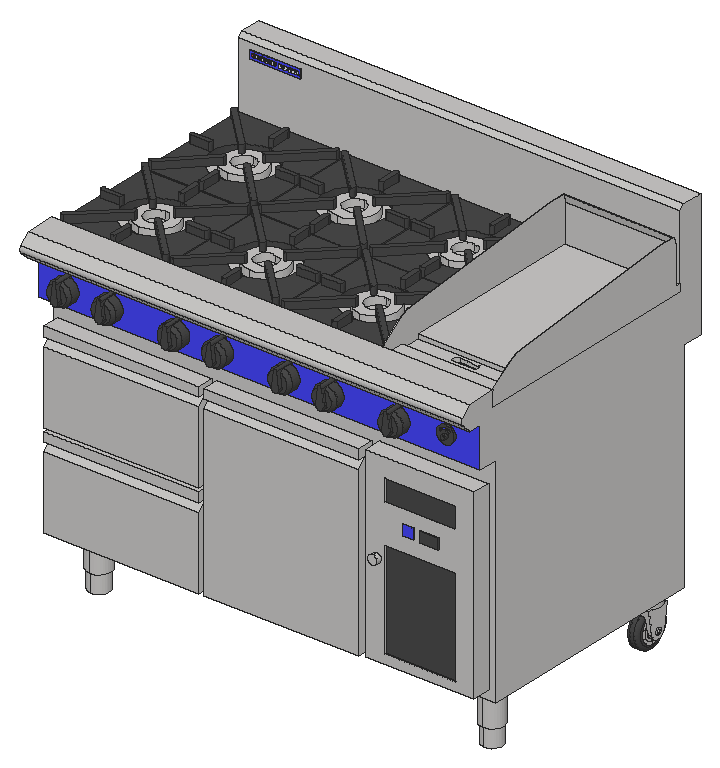
Revit family "QF_MOFFAT_BLUESEAL_CE_G518C-RB", category Specialty Equipment, Revit 2012 (continued)
Definition of nested family "GAS BURNER 900 & GRIDDLE 300"
  Definition of nested family "GAS BURNER 900"
    Automatic sketch dimensions
      curve 221 to curve 282 = 18.152 mm
      curve 294 to curve 276 = 20.563 mm
      curve 285 to curve 223 = 19.967 mm
      curve 278 to curve 292 = 18.13 mm
      curve 282 to curve 298 = 9.204 mm
      curve 276 to curve 293 = 9.138 mm
      curve 223 to curve 298 = 8.97 mm
      curve 292 to curve 293 = 8.937 mm
      curve 286 to curve 241 = 47.322 mm
      curve 288 to curve 265 = 45.809 mm
      plane 4 "RIGHT" to curve 267 = 14.153 mm
      plane 8 "Center X" to curve 235 = 3.602 mm
      plane 4 "RIGHT" to curve 235 = 14.153 mm
      plane 4 "RIGHT" to curve 245 = 14.153 mm
      curve 259 to plane 8 "Center X" = 8.602 mm
      curve 259 to curve 235 = 0.0 mm
      curve 268 to curve 267 = 4.525 mm
      curve 246 to curve 246 = 4.525 mm
      curve 235 to curve 238 = 4.525 mm
      curve 258 to curve 259 = 4.525 mm
      plane 4 "RIGHT" to curve 242 = 7.898 mm
      plane 4 "RIGHT" to curve 264 = 7.898 mm
      plane 4 "RIGHT" to curve 233 = 3.0 mm
      plane 4 "RIGHT" to curve 228 = 3.0 mm
      plane 4 "RIGHT" to curve 231 = 3.0 mm
      curve 230 to plane 8 "Center X" = 1.0 mm
      curve 230 to curve 231 = 0.0 mm
      plane 4 "RIGHT" to curve 229 = 0.0 mm
      plane 4 "RIGHT" to curve 231 = 0.0 mm
      curve 233 to curve 267 = 19.602 mm
      curve 76 to curve 133 = 19.602 mm
      curve 178 to plane 5 "FRONT" = 25.398 mm
      curve 131 to curve 138 = 9.316 mm
      curve 177 to curve 180 = 9.316 mm
      curve 271 to curve 295 = 9.316 mm
      curve 295 to curve 291 = 8.967 mm
      curve 294 to curve 289 = 4.003 mm
      curve 207 to curve 202 = 4.003 mm
      curve 277 to curve 274 = 6.575 mm
      curve 290 to curve 274 = 6.958 mm
      curve 139 to curve 142 = 27.0 mm
      curve 181 to curve 184 = 27.0 mm
      curve 277 to curve 280 = 27.0 mm
      curve 206 to curve 122 = 47.462 mm
      curve 204 to curve 146 = 47.453 mm
      curve 198 to curve 172 = 27.481 mm
      curve 293 to curve 263 = 47.462 mm
      curve 194 to curve 162 = 47.462 mm
      curve 291 to curve 281 = 47.453 mm
      curve 171 to curve 174 = 6.4 mm
      curve 263 to curve 263 = 6.4 mm
      curve 160 to curve 160 = 6.4 mm
      curve 146 to curve 146 = 6.4 mm
      curve 123 to curve 124 = 6.4 mm
      curve 281 to curve 281 = 6.4 mm
      curve 257 to curve 290 = 10.114 mm
      curve 275 to curve 256 = 6.316 mm
      curve 179 to curve 151 = 6.316 mm
      curve 137 to curve 111 = 6.316 mm
      curve 254 to plane 8 "Center X" = 11.398 mm
      curve 154 to plane 8 "Center X" = 11.398 mm
      curve 110 to plane 8 "Center X" = 11.398 mm
      curve 81 to curve 59 = 6.0 mm
      curve 231 to curve 230 = 6.0 mm
      curve 78 to curve 80 = 0.0 mm
      curve 68 to curve 90 = 1.602 mm
      plane 8 "Center X" to curve 108 = 6.398 mm
      plane 8 "Center X" to curve 53 = 6.398 mm
      plane 8 "Center X" to curve 249 = 6.398 mm
      curve 252 to curve 249 = 49.204 mm
      curve 51 to curve 214 = 9.316 mm
      curve 108 to curve 107 = 49.204 mm
      curve 250 to curve 223 = 9.316 mm
      curve 106 to curve 216 = 9.316 mm
      curve 223 to curve 285 = 29.082 mm
      curve 220 to curve 234 = 8.722 mm
      curve 284 to curve 234 = 8.754 mm
      curve 35 to curve 103 = 27.0 mm
      curve 29 to curve 34 = 27.0 mm
      curve 220 to curve 247 = 27.0 mm
      curve 187 to curve 6 = 29.278 mm
      curve 284 to curve 219 = 29.278 mm
      curve 24 to curve 219 = 0.0 mm
      curve 298 to curve 242 = 49.778 mm
      curve 7 to curve 44 = 0.0 mm
      curve 193 to curve 95 = 29.278 mm
      curve 24 to curve 24 = 6.4 mm
      curve 95 to curve 98 = 6.4 mm
      curve 239 to curve 242 = 6.4 mm
      curve 7 to curve 8 = 6.4 mm
      curve 45 to curve 44 = 6.4 mm
      curve 219 to curve 219 = 6.4 mm
      curve 218 to curve 284 = 8.601 mm
      curve 37 to curve 42 = 9.816 mm
      curve 222 to curve 226 = 9.816 mm
      curve 31 to curve 13 = 9.816 mm
      plane 1 "BACK" to curve 16 = 25.398 mm
      plane 1 "BACK" to curve 41 = 25.398 mm
      plane 1 "BACK" to Extrusion 1 sketch curve = 0.0 mm
      plane 5 "FRONT" to Extrusion 1 sketch curve = 0.0 mm
      plane 3 "LEFT" to Extrusion 1 sketch curve = 1.0 mm  (x2)
      plane 1 "BACK" to Extrusion 1 sketch curve = 3.0 mm  (x2)
      plane 8 "Center X" to Extrusion 1 sketch curve = 149.0 mm
      plane 8 "Center X" to Extrusion 1 sketch curve = 2.0 mm  (x2)
      Extrusion 1 sketch curve to plane 8 "Center X" = 1.0 mm
      Extrusion 1 sketch curve to Extrusion 1 sketch curve = 3.0 mm  (x3)
      Extrusion 1 sketch curve to plane 8 "Center X" = 151.0 mm
      Extrusion 1 sketch curve to plane 5 "FRONT" = 3.0 mm  (x2)
      plane 3 "LEFT" to Extrusion 1 sketch curve = 149.991 mm  (x2)
      Extrusion 1 sketch curve to plane 7 "Center Y" = 154.0 mm
      Extrusion 1 sketch curve to Extrusion 1 sketch curve = 0.0 mm
      Extrusion 2 sketch curve to Extrusion 1 = 22.602 mm  (x2)
      Extrusion 2 sketch curve to Extrusion 1 = 25.398 mm  (x2)
      Extrusion 2 sketch curve to Extrusion 2 sketch curve = 4.525 mm  (x16)
      Extrusion 2 sketch curve to Extrusion 2 sketch curve = 49.204 mm  (x5)
      Extrusion 2 sketch curve to Extrusion 2 sketch curve = 55.923 mm  (x5)
      Extrusion 2 sketch curve to Extrusion 2 sketch curve = 0.0 mm  (x5)
      Extrusion 2 sketch curve to Extrusion 2 sketch curve = 20.524 mm  (x8)
      Extrusion 2 sketch curve to Extrusion 2 sketch curve = 6.4 mm  (x8)
      Extrusion 2 sketch curve to Extrusion 2 sketch curve = 53.847 mm  (x8)
      Extrusion 2 sketch curve to Extrusion 1 = 56.602 mm
      Extrusion 2 sketch curve to Extrusion 1 = 5.102 mm  (x6)
      Extrusion 2 sketch curve to Extrusion 1 = 13.653 mm  (x2)
      Extrusion 2 sketch curve to Extrusion 1 = 7.398 mm  (x2)
      Extrusion 2 sketch curve to Extrusion 1 = 4.602 mm  (x2)
      Extrusion 2 sketch curve to Extrusion 1 = 7.898 mm  (x4)
      Extrusion 2 sketch curve to Extrusion 1 = 31.653 mm  (x2)
      Extrusion 2 sketch curve to Extrusion 1 = 57.102 mm
      Extrusion 2 sketch curve to Extrusion 1 = 14.153 mm
      Extrusion 3 sketch curve to Extrusion 3 sketch curve = 0.0 mm  (x24)
      plane 1 "BACK" to Extrusion 3 sketch curve = 109.5 mm
      Extrusion 3 sketch curve to Extrusion 3 sketch curve = 27.0 mm  (x2)
      Extrusion 3 sketch curve to Extrusion 3 sketch curve = 30.0 mm  (x2)
      Extrusion 3 sketch curve to plane 8 "Center X" = 92.0 mm
      plane 3 "LEFT" to Extrusion 3 sketch curve = 150.0 mm  (x2)
      plane 1 "BACK" to Extrusion 4 sketch curve = 0.0 mm
      plane 5 "FRONT" to Extrusion 4 sketch curve = 0.0 mm
      plane 1 "BACK" to Extrusion 4 sketch curve = 3.0 mm  (x2)
      plane 7 "Center Y" to Extrusion 4 sketch curve = 0.009 mm  (x2)
      plane 8 "Center X" to Extrusion 4 sketch curve = 149.0 mm
      plane 8 "Center X" to Extrusion 4 sketch curve = 2.0 mm  (x2)
      Extrusion 4 sketch curve to plane 8 "Center X" = 1.0 mm
      Extrusion 4 sketch curve to Extrusion 4 sketch curve = 3.0 mm  (x3)
      Extrusion 4 sketch curve to plane 8 "Center X" = 151.0 mm
      Extrusion 4 sketch curve to plane 5 "FRONT" = 3.0 mm  (x2)
      Extrusion 4 sketch curve to plane 7 "Center Y" = 146.0 mm  (x2)
      plane 7 "Center Y" to Extrusion 4 sketch curve = 146.0 mm  (x2)
      Extrusion 5 sketch curve to Extrusion 4 = 22.602 mm  (x2)
      Extrusion 5 sketch curve to Extrusion 4 = 25.398 mm  (x2)
      Extrusion 5 sketch curve to Extrusion 5 sketch curve = 4.525 mm  (x16)
      Extrusion 5 sketch curve to Extrusion 5 sketch curve = 49.204 mm  (x4)
      Extrusion 5 sketch curve to Extrusion 5 sketch curve = 55.923 mm  (x5)
      Extrusion 5 sketch curve to Extrusion 5 sketch curve = 0.0 mm  (x6)
      Extrusion 5 sketch curve to Extrusion 5 sketch curve = 20.524 mm  (x7)
      Extrusion 5 sketch curve to Extrusion 5 sketch curve = 6.4 mm  (x8)
      Extrusion 5 sketch curve to Extrusion 5 sketch curve = 53.847 mm  (x8)
      Extrusion 5 sketch curve to Extrusion 4 = 56.602 mm
      Extrusion 5 sketch curve to Extrusion 4 = 5.102 mm  (x6)
      Extrusion 5 sketch curve to Extrusion 4 = 13.653 mm  (x2)
      Extrusion 5 sketch curve to Extrusion 4 = 7.398 mm  (x2)
      Extrusion 5 sketch curve to Extrusion 4 = 4.602 mm  (x2)
      Extrusion 5 sketch curve to Extrusion 4 = 7.898 mm  (x4)
      Extrusion 5 sketch curve to Extrusion 4 = 31.653 mm  (x2)
      Extrusion 5 sketch curve to Extrusion 4 = 57.102 mm  (x2)
      Extrusion 5 sketch curve to Extrusion 4 = 14.153 mm
      Extrusion 6 sketch curve to Extrusion 6 sketch curve = 0.0 mm  (x24)
      Extrusion 6 sketch curve to plane 7 "Center Y" = 0.0 mm  (x2)
      plane 1 "BACK" to Extrusion 6 sketch curve = 109.5 mm
      Extrusion 6 sketch curve to Extrusion 6 sketch curve = 27.0 mm  (x2)
      Extrusion 6 sketch curve to Extrusion 6 sketch curve = 30.0 mm  (x2)
      Extrusion 6 sketch curve to plane 8 "Center X" = 92.0 mm
      Extrusion 7 sketch curve to Extrusion 1 = 22.602 mm  (x2)
      Extrusion 7 sketch curve to Extrusion 1 = 25.398 mm  (x2)
      Extrusion 7 sketch curve to Extrusion 7 sketch curve = 4.525 mm  (x16)
      Extrusion 7 sketch curve to Extrusion 7 sketch curve = 49.204 mm  (x6)
      Extrusion 7 sketch curve to Extrusion 7 sketch curve = 55.923 mm  (x7)
      Extrusion 7 sketch curve to Extrusion 7 sketch curve = 0.0 mm  (x7)
      Extrusion 7 sketch curve to Extrusion 7 sketch curve = 20.524 mm  (x7)
      Extrusion 7 sketch curve to Extrusion 7 sketch curve = 6.4 mm  (x8)
      Extrusion 7 sketch curve to Extrusion 7 sketch curve = 53.847 mm  (x8)
      Extrusion 7 sketch curve to Extrusion 1 = 56.602 mm
      Extrusion 7 sketch curve to Extrusion 1 = 13.653 mm  (x2)
      Extrusion 7 sketch curve to Extrusion 1 = 7.398 mm  (x2)
      Extrusion 7 sketch curve to Extrusion 1 = 4.602 mm  (x2)
      Extrusion 7 sketch curve to Extrusion 1 = 31.653 mm  (x2)
      Extrusion 1 to Extrusion 7 sketch curve = 308.102 mm
      Extrusion 7 sketch curve to Extrusion 7 sketch curve = 9.051 mm  (x2)
      Extrusion 7 sketch curve to Extrusion 7 sketch curve = 2.796 mm  (x2)
      Extrusion 7 sketch curve to Extrusion 7 sketch curve = 128.447 mm  (x3)
      Extrusion 8 sketch curve to Extrusion 8 sketch curve = 0.0 mm  (x24)
      plane 1 "BACK" to Extrusion 8 sketch curve = 109.5 mm
      Extrusion 8 sketch curve to Extrusion 8 sketch curve = 27.0 mm  (x2)
      Extrusion 8 sketch curve to Extrusion 8 sketch curve = 30.0 mm  (x2)
      Extrusion 8 sketch curve to plane 8 "Center X" = 92.0 mm
      plane 4 "RIGHT" to Extrusion 8 sketch curve = 149.0 mm  (x2)
      plane 1 "BACK" to Extrusion 9 sketch curve = 0.0 mm
      plane 5 "FRONT" to Extrusion 9 sketch curve = 0.0 mm
      plane 4 "RIGHT" to Extrusion 9 sketch curve = 0.0 mm  (x2)
      plane 1 "BACK" to Extrusion 9 sketch curve = 3.0 mm  (x2)
      plane 8 "Center X" to Extrusion 9 sketch curve = 149.0 mm
      plane 8 "Center X" to Extrusion 9 sketch curve = 2.0 mm  (x2)
      Extrusion 9 sketch curve to plane 8 "Center X" = 1.0 mm
      Extrusion 9 sketch curve to Extrusion 9 sketch curve = 3.0 mm  (x3)
      Extrusion 9 sketch curve to plane 8 "Center X" = 151.0 mm
      Extrusion 9 sketch curve to plane 5 "FRONT" = 3.0 mm  (x2)
      plane 4 "RIGHT" to Extrusion 9 sketch curve = 148.991 mm  (x2)
      plane 7 "Center Y" to Extrusion 9 sketch curve = 155.0 mm  (x2)
      Extrusion 10 sketch curve to Extrusion 10 sketch curve = 0.0 mm  (x24)
      plane 1 "BACK" to Extrusion 10 sketch curve = 109.5 mm
      Extrusion 10 sketch curve to Extrusion 10 sketch curve = 27.0 mm  (x2)
      Extrusion 10 sketch curve to Extrusion 10 sketch curve = 30.0 mm  (x2)
      Extrusion 10 sketch curve to plane 8 "Center X" = 92.0 mm
      plane 4 "RIGHT" to Extrusion 10 sketch curve = 149.0 mm  (x2)
      curve 299 to plane 5 "FRONT" = 22.602 mm
      curve 54 to curve 52 = 49.204 mm
      curve 84 to curve 303 = 3.0 mm
      curve 302 to curve 303 = 3.0 mm
      curve 309 to curve 309 = 3.0 mm
      curve 162 to curve 310 = 18.796 mm
      curve 313 to plane 8 "Center X" = 17.653 mm
      curve 314 to plane 8 "Center X" = 8.602 mm
      plane 8 "Center X" to curve 316 = 3.602 mm
      curve 28 to curve 317 = 13.205 mm
      curve 319 to curve 308 = 0.0 mm
      curve 60 to curve 320 = 3.0 mm
      curve 62 to curve 321 = 0.0 mm
      plane 1 "BACK" to curve 322 = 0.0 mm
      curve 23 to curve 323 = 18.796 mm
      plane 1 "BACK" to curve 327 = 22.602 mm
      radius of Extrusion 1 sketch curve = 84.082 mm  (x2)
      radius of Extrusion 4 sketch curve = 84.082 mm  (x2)
      radius of Extrusion 9 sketch curve = 84.082 mm  (x2)
  Definition of nested family "GAS GRIDDLE PLATE 600"
    Parameters (values of type "GAS GRIDDLE PLATE 600")
      Width [instance] = 300.0 mm
      Weight in Pounds = 0
      URL Cutsheet = ""
      Type Mark [instance] = ""
      Status [instance] = ""
      Specification by User [instance] = ""
      Specification by Manufacturer = ""
      Serial Number = ""
      Seismic Rating = ""
      SMACNA No = ""
      Revision Code [instance] = ""
      Omniclass Number and Title = ""
      NAFEM Spec ID Number = ""
      Masterspec = ""
      Item Number [instance] = ""
      Installed By [instance] = ""
      Identify Quantity as Lot [instance] = yes
      Furnished By [instance] = ""
      Foodservice Equipment Identifier [instance] = yes
      Depth [instance] = 620.0 mm
      CSI MasterFormat = ""
      CSI Master Format = ""
    Reference planes
      plane 1 "BACK": y = 0
      plane 2: z = 0
      plane 3 "LEFT": x = 0
      plane 4 "RIGHT": x = 300
      plane 5 "FRONT": y = -620
      plane 6 "TOP": z = 142.5
      plane 7 "Center Y": x = 150
      plane 8 "Center X": y = -310
      plane 9: y = -530.997
      plane 10: y = -541.497
      plane 11: y = -503.25
      plane 12: y = -557.737
    Forms (mm)
      Extrusion 1, solid, material "QF_Finishes_Stainless Steel"
        sketch origin (0, 70.003, -874.5) x (0, 1, 0) y (0, 0, 1)
          loop
            line (-70, 875) -> (-70, 997.489) -> (-75.228, 1017) -> (-117.24, 1017) -> (-589.533, 971.523)
            arc (-589.533, 971.523) -> (-614.56, 965.803) -> (-637.306, 953.899) r 100
            line (-637.306, 953.899) -> (-690.003, 917) -> (-690.003, 875) -> (-70, 875)
        from 0 to 1.8
      Extrusion 2, solid, material "QF_Finishes_Stainless Steel"
        sketch origin (600, 70.003, -874.5) x (0, -1, 0) y (0, 0, 1)
          loop
            line (70, 875) -> (690.003, 875) -> (690.003, 917) -> (637.306, 953.899)
            arc (637.306, 953.899) -> (614.56, 965.803) -> (589.533, 971.523) r 100
            line (589.533, 971.523) -> (117.24, 1017) -> (75.228, 1017) -> (70, 997.489) -> (70, 875)
        from 300 to 301.2
      Extrusion 3, solid, material "QF_Finishes_Stainless Steel"
        sketch origin (150, 70.003, -874.5) x (0, 1, 0) y (0, 0, 1)
          loop
            line (-55, 895) -> (-573.253, 895) -> (-573.253, 884.5) -> (-627.74, 884.5) -> (-627.74, 895) -> (-690.003, 895) -> (-690.003, 875) -> (-55, 875) -> (-55, 895)
        from -148.2 to 150
      Extrusion 4, void
        sketch origin (150, -541.497, 10) x (0, -1, 0) y (1, 0, 0)
          loop
            arc (-7.497, 25.113) -> (-17.497, 35.113) -> (-27.497, 25.113) r 10
            line (-27.497, 25.113) -> (-27.497, -24.887)
            arc (-27.497, -24.887) -> (-17.497, -34.887) -> (-7.497, -24.887) r 10
            line (-7.497, -24.887) -> (-7.497, 25.113)
        from -41.4 to 40.142
      Extrusion 5, solid, material "QF_Finishes_Stainless Steel"
        sketch origin (0, 70.003, -874.5) x (0, 1, 0) y (0, 0, 1)
          loop
            line (-70, 875) -> (-70, 997.489) -> (-75.228, 1017) -> (-76.884, 1017) -> (-71.6, 997.278) -> (-71.6, 875) -> (-70, 875)
        from 0 to 298.8
    Cuts and joins
      Extrusion 4 cuts Extrusion 3
      joined: Extrusion 1, Extrusion 2, Extrusion 3, Extrusion 5
    Lines and regions (mm)
      symbolic lines
        curve 1: line (300, -503.25, 0) -> (0, -503.25, 0)
        curve 2: line (0, -557.737, 0) -> (300, -557.737, 0)
        curve 3: line (0, -1.68, 0) -> (300, -1.68, 0)
        curve 4: line (300, -1.68, 0) -> (300, -620, 0)
        curve 5: line (0, -620, 0) -> (0, -1.68, 0)
        curve 6: line (0, -620, 0) -> (300, -620, 0)
        curve 7: arc (175.113, -534, 0) -> (185.113, -524, 0) -> (175.113, -514, 0) r 10
        curve 8: line (175.113, -514, 0) -> (125.113, -514, 0)
        curve 9: arc (125.113, -514, 0) -> (115.113, -524, 0) -> (125.113, -534, 0) r 10
        curve 10: line (125.113, -534, 0) -> (175.113, -534, 0)
    Dimensions and locks
      equal spacing: plane 3 "LEFT", plane 7 "Center Y", plane 4 "RIGHT"
      "Width": plane 3 "LEFT" to plane 4 "RIGHT"
      equal spacing: plane 5 "FRONT", plane 8 "Center X", plane 1 "BACK"
      "Depth": plane 5 "FRONT" to plane 1 "BACK"
      locked: Extrusion 2 to Extrusion 2 at 1.2
      aligned and locked: level to plane 2
      aligned and locked: Extrusion 2 to plane 4 "RIGHT"
      aligned and locked: curve 1 to plane 11
      aligned and locked: plane 12 to curve 2
      aligned and locked: Extrusion 5 to cut or joined group of Extrusion 1, Extrusion 2, Extrusion 3, Extrusion 4, Extrusion 5
      aligned and locked: cut or joined group of Extrusion 1, Extrusion 2, Extrusion 3, Extrusion 4, Extrusion 5 to plane 4 "RIGHT"
    Automatic sketch dimensions
      Extrusion 1 sketch curve to plane 5 "FRONT" = 0.0 mm
      Extrusion 1 sketch curve to plane 6 "TOP" = 0.0 mm
      plane 12 to Extrusion 1 sketch curve = 9.566 mm
      plane 11 to Extrusion 1 sketch curve = 16.28 mm
      Extrusion 1 sketch curve to level = 2.516 mm
      plane 11 to Extrusion 1 sketch curve = 6.695 mm
      plane 1 "BACK" to Extrusion 1 sketch curve = 47.237 mm
      plane 1 "BACK" to Extrusion 1 sketch curve = 5.225 mm
      Extrusion 1 sketch curve to plane 1 "BACK" = 0.003 mm
      level to Extrusion 1 sketch curve = 0.5 mm
      Extrusion 1 sketch curve to Extrusion 1 sketch curve = 42.0 mm
      Extrusion 1 sketch curve to plane 6 "TOP" = 63.101 mm
      Extrusion 1 sketch curve to plane 6 "TOP" = 19.511 mm
      Extrusion 2 sketch curve to plane 6 "TOP" = 0.0 mm
      Extrusion 2 sketch curve to plane 5 "FRONT" = 0.0 mm
      plane 12 to Extrusion 2 sketch curve = 9.566 mm
      plane 11 to Extrusion 2 sketch curve = 16.28 mm
      Extrusion 2 sketch curve to level = 2.516 mm
      plane 11 to Extrusion 2 sketch curve = 6.695 mm
      plane 1 "BACK" to Extrusion 2 sketch curve = 47.237 mm
      plane 1 "BACK" to Extrusion 2 sketch curve = 5.225 mm
      Extrusion 2 sketch curve to plane 1 "BACK" = 0.003 mm
      level to Extrusion 2 sketch curve = 0.5 mm
      Extrusion 2 sketch curve to Extrusion 2 sketch curve = 42.0 mm
      Extrusion 2 sketch curve to plane 6 "TOP" = 63.101 mm
      Extrusion 2 sketch curve to plane 6 "TOP" = 19.511 mm
      Extrusion 3 sketch curve to plane 5 "FRONT" = 0.0 mm
      Extrusion 3 sketch curve to plane 12 = 0.0 mm
      Extrusion 3 sketch curve to plane 11 = 0.0 mm
      Extrusion 3 sketch curve to plane 1 "BACK" = 15.003 mm
      level to Extrusion 3 sketch curve = 0.5 mm
      level to Extrusion 3 sketch curve = 10.0 mm
      Extrusion 3 sketch curve to Extrusion 3 sketch curve = 10.5 mm  (x2)
      plane 1 "BACK" to Extrusion 5 sketch curve = 5.225 mm
      Extrusion 5 sketch curve to plane 1 "BACK" = 0.003 mm
      Extrusion 5 sketch curve to plane 6 "TOP" = 19.511 mm
      Extrusion 5 sketch curve to Extrusion 5 sketch curve = 1.6 mm
      Extrusion 5 sketch curve to Extrusion 5 sketch curve = 0.211 mm
      Extrusion 5 sketch curve to plane 6 "TOP" = 0.0 mm
      Extrusion 5 sketch curve to Extrusion 5 sketch curve = 1.656 mm
      level to Extrusion 5 sketch curve = 0.5 mm
      plane 11 to Extrusion 4 sketch curve = 10.75 mm
      Extrusion 4 sketch curve to Extrusion 4 sketch curve = 10.0 mm
      plane 3 "LEFT" to Extrusion 4 sketch curve = 125.113 mm
      Extrusion 4 sketch curve to Extrusion 4 sketch curve = 50.0 mm
      curve 6 to plane 3 "LEFT" = 0.0 mm
      curve 3 to plane 4 "RIGHT" = 0.0 mm
      plane 5 "FRONT" to curve 6 = 0.0 mm
      plane 11 to curve 8 = 10.75 mm
      plane 3 "LEFT" to curve 8 = 125.113 mm
      curve 10 to plane 12 = 23.737 mm
      curve 9 to curve 10 = 50.0 mm
      plane 1 "BACK" to curve 3 = 1.68 mm
